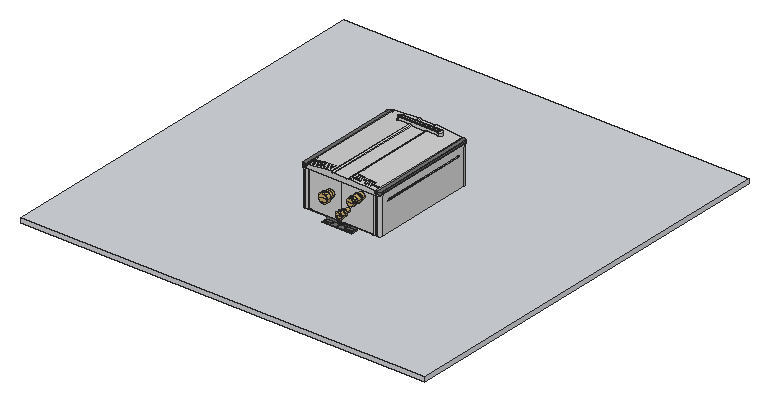
Revit family "Water_Heater-Rinnai-Ultra-Condensing-Tankless-RUS75e", category Mechanical Equipment, host Face, Revit 2012
Parameters (values of type "Standard")
  Width = 18 1/2"  # constant formula
  Wattage = 61 W
  Warranty URL = ""
  Warranty = "Residential:Limited 12-year on heat exchanger, 5-year on parts, 1-year on labor"  # constant formula
  Voltage = 120 V
  Unit = Metal - Rinnai - Aluminum Frame - Brass - Stain
  URL = "https://rinnai.us/"
  Temperature Settings = "120° - 140° F"  # constant formula
  Subcategory = "Tankless Water Heaters"  # constant formula
  Spec Sheet URL = "https://www.rinnai.us/documentation/downloads/RUS75e_%28KCM2528W-US%29_SP.pdf"
  Product Page URL = "https://rinnai.us/water-heater/product/rus75e-reu-kcm2528w-us"
  Noise Level Range = "55dB"  # constant formula
  Natural Gas = yes
  Model = "REU-KCM2528W-US"  # constant formula
  Max Amperage = 2.3 A
  Manufacturer Phone - Toll Free = "800-621-9419"  # constant formula
  Manufacturer Phone = "800-621-9419"  # constant formula
  Manufacturer Fax = "678-829-1666"  # constant formula
  Manufacturer Email = "mailto:engineering@rinnai.us"
  Manufacturer Address = "103 International Drive, Peachtree City, GA 30269"  # constant formula
  Manufacturer = "Rinnai America Corporation"  # constant formula
  Liquid Propane = yes
  Interference = Glass - Rinnai - Clear - Amber
  Installation URL = "https://www.rinnai.us/documentation/downloads/100000384.pdf"
  Installation Location = "Outdoor only"  # constant formula
  Ignition System = "Direct electronic ignition"  # constant formula
  Hot Water Connection = "Hot Water Connector"  # constant formula
  Height = 26"  # constant formula
  Panel = Metal - Rinnai - Aluminum Frame - Painted White
  Gas Supply Pressure Min = "4\" (NG); 8\" (Propane)"
  Gas Supply Pressure Max = "10.5\" (NG); 13.5\" (Propane)"
  Gas Manifold Pressure Low Fire = ".89\" (NG); .96\" (Propane)"
  Gas Manifold Pressure High Fire = "2.97\" (NG); 3.49\" (Propane)"
  Gas Input Rate = 160.0 Btu/h
  Gas Input Range = "10,300 - 160,000 BTU/h"  # constant formula
  Gas Connection = "Gas Connector"  # constant formula
  Frequency = 60 Hz
  Electrical Consumption Range = "Normal: 61 w, Standby: 1.3 w"  # constant formula
  Dry Weight = 57.30 lbf
  Description = "Tankless Water Heater"  # constant formula
  Depth = 10"  # constant formula
  Default Elevation = 4"
  Combustion Air = "Outdoor"  # constant formula
  Combustibles = yes
  Cold Water Connection = "Cold Water Connector"  # constant formula
  Clearance for Top = 12"  # constant formula
  Clearance for Sides = 6"  # constant formula
  Clearance for Ground or Bottom = 12"  # constant formula
  Clearance for Front = 24"  # constant formula
  Cap = Metal - Rinnai - Aluminum - Polished Sliver
  Assembly Code = ""
  Applicable Altitude Range = "0 - 5400 ft (0 - 1646 m)"  # constant formula
  95 CSI = ""
  04 CSI = ""
Reference planes (in)
  plane 1 "Center (Front/Back)": y = 0
  plane 2: z = 0
  plane 3 "Center (Left/Right)": x = 0
  plane 4: y = 13
  plane 5: y = -13
  plane 6: x = -9.25
  plane 7: x = 9.25
  plane 8: z = 10.5501
  plane 9: z = 0.5501
Forms (in)
  Extrusion 1, solid
    sketch origin (0, 0, 0) x (1, 0, 0) y (0, 1, 0)
      loop
        line (-48, 48) -> (-48, -48) -> (48, -48) -> (48, 48) -> (-48, 48)
    from 0 to -1
  Sweep 2, solid, material "Glass - Rinnai - Clear - Amber" <- "Interference", not visible
    path origin (0, 0, 0) x (1, 0, 0) y (0, 1, 0)
      loop
        line (0, 19) -> (0, -25)
    profile origin (0, -3, 0) x (1, 0, 0) y (0, 0, 1)
      loop
        line (11.25, 16.72205) -> (-11.25, 16.72205) -> (-11.25, 0) -> (11.25, 0) -> (11.25, 16.72205)
Dimensions and locks (in)
  equal spacing: plane 6, plane 3 "Center (Left/Right)", plane 7
  "Width": plane 6 to plane 7
  equal spacing: plane 4, plane 1 "Center (Front/Back)", plane 5
  "Height": plane 4 to plane 5
  locked: level to plane 9 at 0.5501
  "Depth": plane 9 to plane 8
  aligned and locked: plane 2 to Extrusion 1
  aligned and locked: level to Extrusion 1
  aligned and locked: Sweep 2 sketch curve to plane 3 "Center (Left/Right)"
  aligned and locked: Sweep 2 sketch curve to Extrusion 1
  aligned and locked: plane 3 "Center (Left/Right)" to nested 2
  aligned and locked: plane 7 to nested 1
  aligned and locked: nested 1 to plane 5
Automatic sketch dimensions
  Extrusion 1 sketch curve to Extrusion 1 sketch curve = 96"  (x2)
  plane 4 to Sweep 2 sketch curve = 6"
  plane 5 to Sweep 2 sketch curve = 12"
  profile plane to Sweep 2 sketch curve = 11 1/4"
  Sweep 2 sketch curve to profile plane = 11 1/4"
  Sweep 2 sketch curve to Sweep 2 sketch curve = 16.72205"
Nested families (in)
  nested 1: "Water Heater" at (0, 0.15, 0), type "RUS75e"
  nested 2: "Pipes" at (0, -14.03858, 0), type "Pipes"
Connectors (in)
  piping at (4.70163, -15.96888, 7.82256), driven by "Gas Connection"
    settings: on nested 2, index 1, connector radius 0.65", flow factor 0, pipe flow 0.00 GPM, pressure drop 0.00 psi, fitting loss kfactor 0, connector angle 0.00°, fixture units 0, engagement length 0", flow configuration 0, flow direction 1, fitting loss method 0, system type 8, joint type 0, gender type 0, connector reference index -1, connector utility 0, adjustable connector no, is connector primary yes, fitting loss table "", connector description "Gas Connector"
  piping at (-2.57004, -14.98448, 5.73209), driven by "Cold Water Connection"
    settings: on nested 2, index 2, connector radius 0.965", flow factor 0, pipe flow 0.00 GPM, pressure drop 0.00 psi, fitting loss kfactor 0, connector angle 0.00°, fixture units 0, engagement length 0", flow configuration 0, flow direction 2, fitting loss method 0, system type 20, joint type 0, gender type 0, connector reference index -1, connector utility 1, adjustable connector no, is connector primary no, fitting loss table "", connector description "Cold Water Connector"
  piping at (1.64829, -15.5587, 3.75493), driven by "Hot Water Connection"
    settings: on nested 2, index 3, connector radius 0.675", flow factor 0, pipe flow 0.00 GPM, pressure drop 0.00 psi, fitting loss kfactor 0, connector angle 0.00°, fixture units 0, engagement length 0", flow configuration 0, flow direction 2, fitting loss method 0, system type 19, joint type 0, gender type 0, connector reference index -1, connector utility 1, adjustable connector no, is connector primary no, fitting loss table "", connector description "Hot Water Connector"
Definition of nested family "Water Heater"
  Parameters (values of type "RUR98e")
    Unit = Metal - Rinnai - Aluminum Frame - Painted White
    URL = ""
    Panel = Metal - Rinnai - Aluminum Frame - Painted White
    Model = ""
    Manufacturer Email = ""
    Manufacturer = ""
    Interference = Glass - Rinnai - Clear - Amber
    Door = Metal - Rinnai - Aluminum - Polished Sliver
    Description = ""
    Default Elevation = 48"
    Assembly Code = ""
  Reference planes (in)
    plane 1 "Center (Front/Back)": y = 0
    plane 2: z = 0
    plane 3 "Center (Left/Right)": x = 0
    plane 4: y = 12.85
    plane 5: x = -9.25
    plane 6: x = 9.25
    plane 7: y = 14.85
    plane 8: y = -14.85
    plane 9: x = -9.375
    plane 10: x = 9.375
    plane 11: z = 34.72205
    plane 12: z = 10.72205
    plane 13: z = 0.62205
    plane 14: x = 5.09845
    plane 15: z = 7.0748
    plane 16: z = 2.99213
    plane 17: x = 2.10239
    plane 18: z = 5.00787
    plane 19: x = -2.12399
    plane 20: x = 5
    plane 21: z = 7.72205
    plane 22: z = 3.62205
    plane 23: x = 1.60239
    plane 24: z = 5.62205
    plane 25: x = -2.2
    plane 26: z = 2.49055
    plane 27: x = -0.39761
    plane 28: y = -13.15
  Forms (in)
    Extrusion 1, solid
      sketch origin (0, 0, 0) x (1, 0, 0) y (0, 1, 0)
        loop
          line (-48, 48) -> (-48, -48) -> (48, -48) -> (48, 48) -> (-48, 48)
      from 0 to -1
    Sweep 2, solid, material "Glass - Rinnai - Clear - Amber" <- "Interference", not visible
      path origin (0, 0, 0) x (1, 0, 0) y (0, 1, 0)
        loop
          line (0, 14.85) -> (0, -14.85)
      profile origin (0, 0, 0) x (1, 0, 0) y (0, 0, 1)
        loop
          line (9.375, 34.72205) -> (-9.375, 34.72205) -> (-9.375, 0) -> (9.375, 0) -> (9.375, 34.72205)
  Dimensions and locks (in)
    plane 1 "Center (Front/Back)" to plane 4 = 12.85"
    equal spacing: plane 5, plane 3 "Center (Left/Right)", plane 6
    plane 5 to plane 6 = 18 1/2"
    plane 7 to plane 4 = 2"
    plane 9 to plane 5 = 1/8"
    plane 6 to plane 10 = 1/8"
    locked: plane 13 to Extrusion 1 at 0.62205
    plane 12 to plane 13 = 10.1"
    plane 11 to plane 12 = 24"
    plane 4 to plane 28 = 26"
    aligned and locked: plane 2 to Extrusion 1
    aligned and locked: level to Extrusion 1
    aligned and locked: plane 1 "Center (Front/Back)" to nested 1
    aligned and locked: Sweep 2 sketch curve to plane 3 "Center (Left/Right)"
    aligned and locked: plane 7 to Sweep 2 sketch curve
    aligned and locked: plane 8 to Sweep 2 sketch curve
    aligned and locked: plane 10 to Sweep 2 sketch curve
    aligned and locked: Sweep 2 sketch curve to plane 11
    aligned and locked: Sweep 2 sketch curve to plane 9
    aligned and locked: Sweep 2 sketch curve to Extrusion 1
    aligned and locked: plane 1 "Center (Front/Back)" to nested 2
    aligned and locked: plane 3 "Center (Left/Right)" to nested 2
    aligned and locked: plane 3 "Center (Left/Right)" to nested 1
    aligned and locked: Extrusion 1 to nested 2
  Automatic sketch dimensions
    Extrusion 1 sketch curve to Extrusion 1 sketch curve = 96"  (x2)
  Nested families (in)
    nested 1: "RUR98e" at (0, 0, 0.59375), type "RUR98e"
    nested 2: "Masking_Nested" at (0, 0, 0.59055), type "Masking_Nested"
  Definition of nested family "RUR98e"
    Parameters (values of type "RU98e")
      Unit = Metal - Rinnai - Aluminum Frame - Painted White
      G = 3.44"  # constant formula
      F = 1.85"  # constant formula
      E = 2.89"  # constant formula
      Door = Metal - Rinnai - Aluminum - Polished Sliver
      Display = Metal - Rinnai - Aluminum Frame - Painted White
      Default Elevation = 48"
      Clamp = Metal - Rinnai - Aluminum Frame - Painted White
      C = 1.17"  # constant formula
      Width = 18 1/2"  # constant formula
      Height = 25.7"  # constant formula
      Depth = 10.1"  # constant formula
      D = 4.33"  # constant formula
      B = 4.21"  # constant formula
    Reference planes (in)
      plane 1 "Center (Front/Back)": y = 0
      plane 2: z = 0
      plane 3 "Center (Left/Right)": x = 0
      plane 4: y = 12.85
      plane 5: x = -9.25
      plane 6: x = 9.25
      plane 7: z = 10.1
      plane 8: z = 8.75945
      plane 9: z = -0.20842
      plane 10: z = 3.97008
      plane 11: x = 4.33
      plane 12: x = 1.17
      plane 13: z = 1.61008
      plane 14: x = -2.89
      plane 15: z = 3.20008
      plane 16: y = 15.52
      plane 17: z = 19.63941
      plane 18: z = 10.70949
      plane 19: x = 0
      plane 20: y = 9.95477
      plane 21: x = 5.09845
      plane 22: z = 7.0748
      plane 23: z = 2.99213
      plane 24: x = 2.10239
      plane 25: z = 5.00787
      plane 26: x = -2.12399
      plane 27: z = -0.59055
      plane 28: y = -13.15
    Forms (in)
      Extrusion 1, solid, material "Metal - Rinnai - Aluminum Frame - Painted White" <- "Unit", detail levels medium+fine
        sketch origin (0, 0, 0) x (1, 0, 0) y (0, 1, 0)
          loop
            arc (-8.5, 12.72578) -> (-9.03033, 12.50611) -> (-9.25, 11.97578) r 0.75
            line (-9.25, 11.97578) -> (-9.25, -12.07027)
            arc (-9.25, -12.07027) -> (-9.03033, -12.6006) -> (-8.5, -12.82027) r 0.75
            line (-8.5, -12.82027) -> (-7.75409, -12.82027)
            arc (-7.75409, -12.82027) -> (-7.72259, -12.78878) -> (-7.75409, -12.75728) r 0.0315
            line (-7.75409, -12.75728) -> (-8.33874, -12.75728)
            arc (-8.33874, -12.75728) -> (-8.86907, -12.53761) -> (-9.08874, -12.00728) r 0.75
            line (-9.08874, -12.00728) -> (-9.08874, 11.87342)
            arc (-9.08874, 11.87342) -> (-8.86907, 12.40375) -> (-8.33874, 12.62342) r 0.75
            line (-8.33874, 12.62342) -> (8.33874, 12.62342)
            arc (8.33874, 12.62342) -> (8.86907, 12.40375) -> (9.08874, 11.87342) r 0.75
            line (9.08874, 11.87342) -> (9.08874, -12.00728)
            arc (9.08874, -12.00728) -> (8.86907, -12.53761) -> (8.33874, -12.75728) r 0.75
            line (8.33874, -12.75728) -> (7.75409, -12.75728)
            arc (7.75409, -12.75728) -> (7.72259, -12.78878) -> (7.75409, -12.82027) r 0.0315
            line (7.75409, -12.82027) -> (8.5, -12.82027)
            arc (8.5, -12.82027) -> (9.03033, -12.6006) -> (9.25, -12.07027) r 0.75
            line (9.25, -12.07027) -> (9.25, 11.97578)
            arc (9.25, 11.97578) -> (9.03033, 12.50611) -> (8.5, 12.72578) r 0.75
            line (8.5, 12.72578) -> (-8.5, 12.72578)
        from -0.04045 to 8.75945
      Extrusion 2, solid, material "Metal - Rinnai - Aluminum Frame - Painted White" <- "Unit", detail levels fine
        sketch origin (0, 0, 0) x (1, 0, 0) y (0, 1, 0)
          loop
            arc (-7.94561, -12.71791) -> (-7.96958, -12.73044) -> (-7.97296, -12.75728) r 0.02918
            line (-7.97296, -12.75728) -> (0.00974, -12.75728) -> (7.97296, -12.75728)
            arc (7.97296, -12.75728) -> (7.96958, -12.73044) -> (7.94561, -12.71791) r 0.02918
            line (7.94561, -12.71791) -> (-0.00497, -12.71791) -> (-7.94561, -12.71791)
        from 0 to 8.75945
      Sweep 3, solid, material "Metal - Rinnai - Aluminum Frame - Painted White" <- "Unit", detail levels medium+fine
        path origin (-19.30772, -180, -0.04045) x (-1, 0, 0) y (0, -1, 0)
          loop
            line (-27.06181, -167.17973) -> (-27.80772, -167.17973)
            arc (-27.80772, -167.17973) -> (-28.33805, -167.3994) -> (-28.55772, -167.92973) r 0.75
            line (-28.55772, -167.92973) -> (-28.55772, -191.97578)
            arc (-28.55772, -191.97578) -> (-28.33805, -192.50611) -> (-27.80772, -192.72578) r 0.75
            line (-27.80772, -192.72578) -> (-10.80772, -192.72578)
            arc (-10.80772, -192.72578) -> (-10.27739, -192.50611) -> (-10.05772, -191.97578) r 0.75
            line (-10.05772, -191.97578) -> (-10.05772, -167.92973)
            arc (-10.05772, -167.92973) -> (-10.27739, -167.3994) -> (-10.80772, -167.17973) r 0.75
            line (-10.80772, -167.17973) -> (-11.55363, -167.17973)
        profile origin (8.12705, -12.82027, -0.04045) x (0, 1, 0) y (0, 0, 1)
          loop
            arc (0, 0.0315) -> (0.00922, 0.00922) -> (0.0315, 0) r 0.0315
            line (0.0315, 0) -> (0.0315, 0.0315) -> (0, 0.0315)
      Extrusion 4, solid, material "Metal - Rinnai - Aluminum Frame - Painted White" <- "Clamp", detail levels medium+fine
        sketch origin (0, 0, 0) x (0, 1, 0) y (0, 0, 1)
          loop
            arc (-14.30637, -0.52756) -> (-14.33787, -0.55906) -> (-14.30637, -0.59055) r 0.0315
            line (-14.30637, -0.59055) -> (-12.85049, -0.59055)
            arc (-12.85049, -0.59055) -> (-12.82912, -0.5817) -> (-12.82027, -0.56033) r 0.03022
            line (-12.82027, -0.56033) -> (-12.82027, -0.11024) -> (-12.52618, -0.11024)
            arc (-12.52618, -0.11024) -> (-12.47377, -0.09026) -> (-12.44796, -0.04045) r 0.07874
            line (-12.44796, -0.04045) -> (-12.88326, -0.04045) -> (-12.88326, -0.52756) -> (-14.30637, -0.52756)
          loop
            line (14.30637, -0.52756) -> (12.88326, -0.52756) -> (12.88326, -0.04045) -> (12.44796, -0.04045)
            arc (12.44796, -0.04045) -> (12.47377, -0.09026) -> (12.52618, -0.11024) r 0.07874
            line (12.52618, -0.11024) -> (12.82027, -0.11024) -> (12.82027, -0.56033)
            arc (12.82027, -0.56033) -> (12.82912, -0.5817) -> (12.85049, -0.59055) r 0.03022
            line (12.85049, -0.59055) -> (14.30637, -0.59055)
            arc (14.30637, -0.59055) -> (14.33787, -0.55906) -> (14.30637, -0.52756) r 0.0315
        from -3.54331 to 3.54331
      Extrusion 5, void
        sketch origin (0, 0, 0) x (0, 1, 0) y (1, 0, 0)
          loop
            line (13.67854, 0.11811) -> (13.48655, 0.11811)
            arc (13.48655, 0.11811) -> (13.39706, 0.19062) -> (13.28484, 0.21654) r 0.25591
            line (13.28484, 0.21654) -> (13.00925, 0.21654)
            arc (13.00925, 0.21654) -> (12.79271, 0) -> (13.00925, -0.21654) r 0.21654
            line (13.00925, -0.21654) -> (13.28484, -0.21654)
            arc (13.28484, -0.21654) -> (13.39706, -0.19062) -> (13.48655, -0.11811) r 0.25591
            line (13.48655, -0.11811) -> (13.67854, -0.11811)
            arc (13.67854, -0.11811) -> (13.79665, 0) -> (13.67854, 0.11811) r 0.11811
          loop
            circle (13.48163, 1.57456) r 0.25559
          loop
            line (13.90492, 2.35236) -> (13.90492, 2.76575)
            arc (13.90492, 2.76575) -> (13.79665, 2.87402) -> (13.68838, 2.76575) r 0.10827
            line (13.68838, 2.76575) -> (13.68838, 2.35236)
            arc (13.68838, 2.35236) -> (13.79665, 2.24409) -> (13.90492, 2.35236) r 0.10827
          loop
            line (13.69823, 3.26772) -> (13.61949, 3.26772)
            arc (13.61949, 3.26772) -> (13.50137, 3.14961) -> (13.61949, 3.0315) r 0.11811
            line (13.61949, 3.0315) -> (13.69823, 3.0315)
            arc (13.69823, 3.0315) -> (13.81634, 3.14961) -> (13.69823, 3.26772) r 0.11811
          loop
            circle (13.48163, -1.57456) r 0.25559
          loop
            arc (13.90492, -2.0374) -> (13.79665, -1.92913) -> (13.68838, -2.0374) r 0.10827
            line (13.68838, -2.0374) -> (13.68838, -2.76575)
            arc (13.68838, -2.76575) -> (13.79665, -2.87402) -> (13.90492, -2.76575) r 0.10827
            line (13.90492, -2.76575) -> (13.90492, -2.0374)
          loop
            arc (13.69823, -3.26772) -> (13.81634, -3.14961) -> (13.69823, -3.0315) r 0.11811
            line (13.69823, -3.0315) -> (13.61949, -3.0315)
            arc (13.61949, -3.0315) -> (13.50137, -3.14961) -> (13.61949, -3.26772) r 0.11811
            line (13.61949, -3.26772) -> (13.69823, -3.26772)
          loop
            line (-13.73366, -0.11811) -> (-13.54167, -0.11811)
            arc (-13.54167, -0.11811) -> (-13.45218, -0.19062) -> (-13.33996, -0.21654) r 0.25591
            line (-13.33996, -0.21654) -> (-13.06437, -0.21654)
            arc (-13.06437, -0.21654) -> (-12.84783, 0) -> (-13.06437, 0.21654) r 0.21654
            line (-13.06437, 0.21654) -> (-13.33996, 0.21654)
            arc (-13.33996, 0.21654) -> (-13.45218, 0.19062) -> (-13.54167, 0.11811) r 0.25591
            line (-13.54167, 0.11811) -> (-13.73366, 0.11811)
            arc (-13.73366, 0.11811) -> (-13.85177, 0) -> (-13.73366, -0.11811) r 0.11811
          loop
            circle (-13.53674, -1.57456) r 0.25559
          loop
            line (-13.96004, -2.35236) -> (-13.96004, -2.76575)
            arc (-13.96004, -2.76575) -> (-13.85177, -2.87402) -> (-13.7435, -2.76575) r 0.10827
            line (-13.7435, -2.76575) -> (-13.7435, -2.35236)
            arc (-13.7435, -2.35236) -> (-13.85177, -2.24409) -> (-13.96004, -2.35236) r 0.10827
          loop
            line (-13.75334, -3.26772) -> (-13.6746, -3.26772)
            arc (-13.6746, -3.26772) -> (-13.55649, -3.14961) -> (-13.6746, -3.0315) r 0.11811
            line (-13.6746, -3.0315) -> (-13.75334, -3.0315)
            arc (-13.75334, -3.0315) -> (-13.87145, -3.14961) -> (-13.75334, -3.26772) r 0.11811
          loop
            circle (-13.53674, 1.57456) r 0.25559
          loop
            arc (-13.96004, 2.0374) -> (-13.85177, 1.92913) -> (-13.7435, 2.0374) r 0.10827
            line (-13.7435, 2.0374) -> (-13.7435, 2.76575)
            arc (-13.7435, 2.76575) -> (-13.85177, 2.87402) -> (-13.96004, 2.76575) r 0.10827
            line (-13.96004, 2.76575) -> (-13.96004, 2.0374)
          loop
            arc (-13.75334, 3.26772) -> (-13.87145, 3.14961) -> (-13.75334, 3.0315) r 0.11811
            line (-13.75334, 3.0315) -> (-13.6746, 3.0315)
            arc (-13.6746, 3.0315) -> (-13.55649, 3.14961) -> (-13.6746, 3.26772) r 0.11811
            line (-13.6746, 3.26772) -> (-13.75334, 3.26772)
        from 0.52756 to 0.59055
      Extrusion 6, void
        sketch origin (0, 0, 0.23337) x (1, 0, 0) y (0, 0, 1)
          loop
            line (9.53125, 10.1184) -> (-9.53125, 10.1184) -> (-9.53125, 8.75147) -> (-8.45921, 8.75147) -> (-8.09256, 8.96315) -> (-8.09256, 9.11474)
            arc (-8.09256, 9.11474) -> (-8.15825, 9.1617) -> (-8.22104, 9.21246) r 1.36561
            arc (-8.22104, 9.21246) -> (-8.24458, 9.29284) -> (-8.18067, 9.34696) r 0.07682
            arc (-8.18067, 9.34696) -> (-4.09779, 9.77258) -> (0, 10.0158) r 92.07872
            arc (0, 10.0158) -> (4.12628, 9.77025) -> (8.23738, 9.33975) r 92.07872
            arc (8.23738, 9.33975) -> (8.279, 9.30476) -> (8.26549, 9.25234) r 0.05052
            arc (8.26549, 9.25234) -> (8.18181, 9.18004) -> (8.09256, 9.11474) r 1.36561
            line (8.09256, 9.11474) -> (8.09256, 8.96315) -> (8.45921, 8.75147) -> (9.53125, 8.75147) -> (9.53125, 10.1184)
        from -15.04938 to 15.10382
      Extrusion 7, solid, material "Metal - Rinnai - Aluminum Frame - Painted White" <- "Display", detail levels medium+fine
        sketch origin (0, 0, 0) x (1, 0, 0) y (0, 1, 0)
          loop
            line (8.58208, 12.85) -> (-8.63521, 12.85)
            arc (-8.63521, 12.85) -> (-9.06993, 12.66993) -> (-9.25, 12.23521) r 0.61479
            line (-9.25, 12.23521) -> (-9.25, -12.55655)
            arc (-9.25, -12.55655) -> (-9.07618, -12.97618) -> (-8.65655, -13.15) r 0.59345
            line (-8.65655, -13.15) -> (8.56688, -13.15)
            arc (8.56688, -13.15) -> (9.04992, -12.94992) -> (9.25, -12.46688) r 0.68312
            line (9.25, -12.46688) -> (9.25, 12.18208)
            arc (9.25, 12.18208) -> (9.05437, 12.65437) -> (8.58208, 12.85) r 0.66792
        from 8.75945 to 10.35178
      Extrusion 8, solid, material "Metal - Rinnai - Aluminum - Polished Sliver" <- "Door", detail levels medium+fine
        sketch origin (0, 0, 0) x (1, 0, 0) y (0, 1, 0)
          loop
            arc (-8.52756, 12.84217) -> (-9.05789, 12.6225) -> (-9.27756, 12.09217) r 0.75
            line (-9.27756, 12.09217) -> (-9.27756, -12.4)
            arc (-9.27756, -12.4) -> (-9.05789, -12.93033) -> (-8.52756, -13.15) r 0.75
            line (-8.52756, -13.15) -> (-8.09256, -13.15) -> (-8.09256, 12.84217) -> (-8.52756, 12.84217)
          loop
            line (8.52756, 12.84217) -> (8.09256, 12.84217) -> (8.09256, -13.15) -> (8.52756, -13.15)
            arc (8.52756, -13.15) -> (9.05789, -12.93033) -> (9.27756, -12.4) r 0.75
            line (9.27756, -12.4) -> (9.27756, 12.09217)
            arc (9.27756, 12.09217) -> (9.05789, 12.6225) -> (8.52756, 12.84217) r 0.75
        from 8.98484 to 9.68676
      Extrusion 9, solid, material "Metal - Rinnai - Aluminum Frame - Painted White" <- "Unit", detail levels coarse
        sketch origin (0, 0, 0) x (1, 0, 0) y (0, 1, 0)
          loop
            line (9.25, -13.15) -> (9.25, 12.85) -> (-9.27756, 12.85) -> (-9.27756, -13.15) -> (9.25, -13.15)
        from -0.59055 to 10.1
      Extrusion 10, solid, material "Metal - Rinnai - Aluminum Frame - Painted White" <- "Unit", detail levels medium
        sketch origin (0, 0, 0) x (1, 0, 0) y (0, 1, 0)
          loop
            arc (-7.94561, -12.71791) -> (-7.96958, -12.73044) -> (-7.97296, -12.75728) r 0.02918
            line (-7.97296, -12.75728) -> (0.00974, -12.75728) -> (7.97296, -12.75728)
            arc (7.97296, -12.75728) -> (7.96958, -12.73044) -> (7.94561, -12.71791) r 0.02918
            line (7.94561, -12.71791) -> (-0.00497, -12.71791) -> (-7.94561, -12.71791)
        from 0 to 8.75945
      Extrusion 11, void
        sketch origin (0, 0, -0.5) x (1, 0, 0) y (0, 0, 1)
          loop
            arc (-2.72285, 8.66093) -> (-2.65853, 7.48173) -> (-2.60646, 6.30193) r 113.80035
            arc (-2.60646, 6.30193) -> (-2.30126, 4.88899) -> (-3.007, 3.62747) r 2.04411
            arc (-3.007, 3.62747) -> (-0.09766, 0.15621) -> (3.02871, 3.43337) r 3.03824
            arc (3.02871, 3.43337) -> (2.73456, 3.91825) -> (2.60646, 4.47073) r 1.79421
            arc (2.60646, 4.47073) -> (2.64496, 6.56638) -> (2.72285, 8.66093) r 111.52327
            line (2.72285, 8.66093) -> (-2.72285, 8.66093)
        from -13.68838 to 13.39188
      Extrusion 12, void
        sketch origin (0, 0, 0.15514) x (1, 0, 0) y (0, 0, 1)
          loop
            arc (1.60849, 9.74656) -> (1.69001, 9.75729) -> (1.76597, 9.78875) r 0.31496
            line (1.76597, 9.78875) -> (2.03915, 9.94647)
            arc (2.03915, 9.94647) -> (2.1341, 9.9858) -> (2.236, 9.99922) r 0.3937
            line (2.236, 9.99922) -> (2.236, 10.20703) -> (-2.23606, 10.20703) -> (-2.23606, 9.99922)
            arc (-2.23606, 9.99922) -> (-2.13416, 9.9858) -> (-2.0392, 9.94647) r 0.3937
            line (-2.0392, 9.94647) -> (-1.76603, 9.78875)
            arc (-1.76603, 9.78875) -> (-1.69007, 9.75729) -> (-1.60855, 9.74656) r 0.31496
            line (-1.60855, 9.74656) -> (1.60849, 9.74656)
        from -14.53617 to 14.5778
      Sweep 13, solid, material "Metal - Rinnai - Aluminum Frame - Painted White" <- "Display", detail levels medium+fine
        path origin (0, -0.07031, 0) x (1, 0, 0) y (0, 1, 0)
          loop
            line (4.74071, 11.10265) -> (-4.74071, 11.10265)
            arc (-4.74071, 11.10265) -> (-5.28643, 10.55692) -> (-4.74071, 10.0112) r 0.54572
            line (-4.74071, 10.0112) -> (4.74071, 10.0112)
            arc (4.74071, 10.0112) -> (5.28643, 10.55692) -> (4.74071, 11.10265) r 0.54572
        profile origin (0, 11.03233, 0) x (0, -1, 0) y (0, 0, 1)
          loop
            line (0.03559, 10.62469) -> (0.0007, 9.62547) -> (0.13078, 9.62547) -> (0.16863, 10.70949) -> (0.12341, 10.70949)
            arc (0.12341, 10.70949) -> (0.06237, 10.68483) -> (0.03559, 10.62469) r 0.08787
      Extrusion 14, solid, material "Metal - Rinnai - Aluminum Frame - Painted White" <- "Unit", detail levels medium+fine
        sketch origin (0, 0, 0) x (1, 0, 0) y (0, 1, 0)
          loop
            arc (-9.08874, -12.00728) -> (-8.86907, -12.53761) -> (-8.33874, -12.75728) r 0.75
            line (-8.33874, -12.75728) -> (-7.75409, -12.75728) -> (8.33874, -12.75728)
            arc (8.33874, -12.75728) -> (8.86907, -12.53761) -> (9.08874, -12.00728) r 0.75
            line (9.08874, -12.00728) -> (9.08874, 11.87342)
            arc (9.08874, 11.87342) -> (8.86907, 12.40375) -> (8.33874, 12.62342) r 0.75
            line (8.33874, 12.62342) -> (-8.33874, 12.62342)
            arc (-8.33874, 12.62342) -> (-8.86907, 12.40375) -> (-9.08874, 11.87342) r 0.75
            line (-9.08874, 11.87342) -> (-9.08874, -12.00728)
        from -0.01923 to 0
      Revolve 15, void
        sketch origin (9.3125, 0, 0) x (0, 1, 0) y (0, 0, 1)
          loop
            arc (10.67775, 6.82414) -> (10.62581, 6.97256) -> (10.48169, 7.03543) r 0.19661
            line (10.48169, 7.03543) -> (-10.77815, 7.03543)
            arc (-10.77815, 7.03543) -> (-10.92236, 6.97257) -> (-10.97447, 6.82414) r 0.19685
            line (-10.97447, 6.82414) -> (10.67775, 6.82414)
          axis (-10.97447, 6.82414) -> (10.67775, 6.82414)
        angle from 180 to -180
      Revolve 16, void
        sketch origin (-9.3125, 0, 0) x (0, 1, 0) y (0, 0, -1)
          loop
            line (10.67775, -6.82414) -> (-10.97447, -6.82414)
            arc (-10.97447, -6.82414) -> (-10.92236, -6.97257) -> (-10.77815, -7.03543) r 0.19685
            line (-10.77815, -7.03543) -> (10.48169, -7.03543)
            arc (10.48169, -7.03543) -> (10.62581, -6.97256) -> (10.67775, -6.82414) r 0.19661
          axis (-10.97447, -6.82414) -> (10.67775, -6.82414)
        angle from 180 to -180
      Extrusion 17, void
        sketch origin (0, 0, 0) x (1, 0, 0) y (0, 0, 1)
          loop
            arc (-8.09256, 9.34812) -> (-8.22033, 9.44523) -> (-8.33583, 9.55665) r 1.36561
            arc (-8.33583, 9.55665) -> (-8.76634, 9.49374) -> (-9.19638, 9.42766) r 59.05511
            arc (-9.19638, 9.42766) -> (-9.24465, 9.40066) -> (-9.26381, 9.34878) r 0.07985
            line (-9.26381, 9.34878) -> (-9.26381, 8.98484) -> (-8.45921, 8.98484) -> (-8.09256, 9.19653) -> (-8.09256, 9.34812)
          loop
            line (-7.89256, 10.28429) -> (-9.46381, 10.28429) -> (-9.46381, 8.78484) -> (-7.89256, 8.78484) -> (-7.89256, 10.28429)
          loop
            line (8.09256, 9.34812) -> (8.09256, 9.19653) -> (8.45921, 8.98484) -> (9.26381, 8.98484) -> (9.26381, 9.34878)
            arc (9.26381, 9.34878) -> (9.24465, 9.40066) -> (9.19638, 9.42766) r 0.07985
            arc (9.19638, 9.42766) -> (8.76634, 9.49374) -> (8.33583, 9.55665) r 59.05511
            arc (8.33583, 9.55665) -> (8.22033, 9.44523) -> (8.09256, 9.34812) r 1.36561
          loop
            line (7.89256, 10.28429) -> (7.89256, 8.78484) -> (9.46381, 8.78484) -> (9.46381, 10.28429) -> (7.89256, 10.28429)
        from -13.68838 to 17.90298
      Extrusion 18, void
        sketch origin (0, 0, 0) x (1, 0, 0) y (0, 1, 0)
          loop
            line (-7.7581, -11.22239) -> (-5.65431, -11.22239)
            arc (-5.65431, -11.22239) -> (-5.50316, -11.07125) -> (-5.65431, -10.9201) r 0.15114
            line (-5.65431, -10.9201) -> (-7.7581, -10.9201)
            arc (-7.7581, -10.9201) -> (-7.90925, -11.07125) -> (-7.7581, -11.22239) r 0.15114
          loop
            line (-7.7581, -11.93333) -> (-5.65431, -11.93333)
            arc (-5.65431, -11.93333) -> (-5.50316, -11.78218) -> (-5.65431, -11.63104) r 0.15114
            line (-5.65431, -11.63104) -> (-7.7581, -11.63104)
            arc (-7.7581, -11.63104) -> (-7.90925, -11.78218) -> (-7.7581, -11.93333) r 0.15114
          loop
            line (-7.7581, -12.64427) -> (-5.65431, -12.64427)
            arc (-5.65431, -12.64427) -> (-5.50316, -12.49312) -> (-5.65431, -12.34198) r 0.15114
            line (-5.65431, -12.34198) -> (-7.7581, -12.34198)
            arc (-7.7581, -12.34198) -> (-7.90925, -12.49312) -> (-7.7581, -12.64427) r 0.15114
          loop
            line (-5.00419, -11.22239) -> (-2.9004, -11.22239)
            arc (-2.9004, -11.22239) -> (-2.74926, -11.07125) -> (-2.9004, -10.9201) r 0.15114
            line (-2.9004, -10.9201) -> (-5.00419, -10.9201)
            arc (-5.00419, -10.9201) -> (-5.15534, -11.07125) -> (-5.00419, -11.22239) r 0.15114
          loop
            line (-5.00419, -11.93333) -> (-2.9004, -11.93333)
            arc (-2.9004, -11.93333) -> (-2.74926, -11.78218) -> (-2.9004, -11.63104) r 0.15114
            line (-2.9004, -11.63104) -> (-5.00419, -11.63104)
            arc (-5.00419, -11.63104) -> (-5.15534, -11.78218) -> (-5.00419, -11.93333) r 0.15114
          loop
            line (-5.00419, -12.64427) -> (-2.9004, -12.64427)
            arc (-2.9004, -12.64427) -> (-2.74926, -12.49312) -> (-2.9004, -12.34198) r 0.15114
            line (-2.9004, -12.34198) -> (-5.00419, -12.34198)
            arc (-5.00419, -12.34198) -> (-5.15534, -12.49312) -> (-5.00419, -12.64427) r 0.15114
          loop
            arc (7.7581, -11.22239) -> (7.90925, -11.07125) -> (7.7581, -10.9201) r 0.15114
            line (7.7581, -10.9201) -> (5.65431, -10.9201)
            arc (5.65431, -10.9201) -> (5.50316, -11.07125) -> (5.65431, -11.22239) r 0.15114
            line (5.65431, -11.22239) -> (7.7581, -11.22239)
          loop
            arc (7.7581, -11.93333) -> (7.90925, -11.78218) -> (7.7581, -11.63104) r 0.15114
            line (7.7581, -11.63104) -> (5.65431, -11.63104)
            arc (5.65431, -11.63104) -> (5.50316, -11.78218) -> (5.65431, -11.93333) r 0.15114
            line (5.65431, -11.93333) -> (7.7581, -11.93333)
          loop
            arc (7.7581, -12.64427) -> (7.90925, -12.49312) -> (7.7581, -12.34198) r 0.15114
            line (7.7581, -12.34198) -> (5.65431, -12.34198)
            arc (5.65431, -12.34198) -> (5.50316, -12.49312) -> (5.65431, -12.64427) r 0.15114
            line (5.65431, -12.64427) -> (7.7581, -12.64427)
          loop
            arc (5.00419, -11.22239) -> (5.15534, -11.07125) -> (5.00419, -10.9201) r 0.15114
            line (5.00419, -10.9201) -> (2.9004, -10.9201)
            arc (2.9004, -10.9201) -> (2.74926, -11.07125) -> (2.9004, -11.22239) r 0.15114
            line (2.9004, -11.22239) -> (5.00419, -11.22239)
          loop
            arc (5.00419, -11.93333) -> (5.15534, -11.78218) -> (5.00419, -11.63104) r 0.15114
            line (5.00419, -11.63104) -> (2.9004, -11.63104)
            arc (2.9004, -11.63104) -> (2.74926, -11.78218) -> (2.9004, -11.93333) r 0.15114
            line (2.9004, -11.93333) -> (5.00419, -11.93333)
          loop
            arc (5.00419, -12.64427) -> (5.15534, -12.49312) -> (5.00419, -12.34198) r 0.15114
            line (5.00419, -12.34198) -> (2.9004, -12.34198)
            arc (2.9004, -12.34198) -> (2.74926, -12.49312) -> (2.9004, -12.64427) r 0.15114
            line (2.9004, -12.64427) -> (5.00419, -12.64427)
          loop
            arc (-4.74071, 10.8637) -> (-5.1178, 10.48661) -> (-4.74071, 10.10952) r 0.37709
            line (-4.74071, 10.10952) -> (4.74071, 10.10952)
            arc (4.74071, 10.10952) -> (5.1178, 10.48661) -> (4.74071, 10.8637) r 0.37709
            line (4.74071, 10.8637) -> (-4.74071, 10.8637)
        from 8.75945 to 10.3296
    Cuts and joins
      Extrusion 5, Extrusion 11 cuts Extrusion 4
      Extrusion 6, Extrusion 12, Extrusion 18 cuts Extrusion 7
      Extrusion 17, Extrusion 18 cuts Sweep 13
      joined: Extrusion 7, Sweep 13
      Extrusion 17 cuts Extrusion 8
      Revolve 15, Revolve 16, Extrusion 18 cuts Extrusion 1
      Revolve 15, Revolve 16, Extrusion 18 cuts Sweep 3
      Revolve 15, Revolve 16, Extrusion 18 cuts Extrusion 14
      joined: Extrusion 1, Sweep 3, Extrusion 14
    Lines and regions (in)
      model lines, style "Water Heater", detail levels fine
        curve 1: line (-1.46319, -11.08719, 9.90169) -> (1.43194, -11.08719, 9.90169)
        curve 2: line (-1.54319, -12.86249, 9.90169) -> (-1.54319, -11.16719, 9.90169)
        curve 3: line (1.43194, -12.94249, 9.90169) -> (-1.46319, -12.94249, 9.90169)
        curve 4: line (1.51194, -11.16719, 9.90169) -> (1.51194, -12.86249, 9.90169)
        curve 5: arc (-1.54319, -11.16719, 9.90169) -> (-1.51976, -11.11062, 9.90169) -> (-1.46319, -11.08719, 9.90169) r 0.08
        curve 6: arc (1.43194, -11.08719, 9.90169) -> (1.48851, -11.11062, 9.90169) -> (1.51194, -11.16719, 9.90169) r 0.08
        curve 7: arc (1.43194, -12.94249, 9.90169) -> (1.48851, -12.91906, 9.90169) -> (1.51194, -12.86249, 9.90169) r 0.08
        curve 8: arc (-1.46319, -12.94249, 9.90169) -> (-1.51976, -12.91906, 9.90169) -> (-1.54319, -12.86249, 9.90169) r 0.08
    Dimensions and locks (in)
      plane 1 "Center (Front/Back)" to plane 4 = 12.85"
      equal spacing: plane 5, plane 3 "Center (Left/Right)", plane 6
      "Width": plane 5 to plane 6
      locked: plane 7 to plane 8 at 1.34055
      "D": plane 11 to plane 3 "Center (Left/Right)"
      "C": plane 3 "Center (Left/Right)" to plane 12
      "E": plane 3 "Center (Left/Right)" to plane 14
      locked: plane 16 to plane 4 at 2.67
      Extrusion 6 sketch curve to plane 7 = 0.25178"
      equal spacing: Extrusion 6 sketch curve, plane 7, Extrusion 6 sketch curve
      plane 5 to Extrusion 7 sketch curve = 0"
      Extrusion 7 sketch curve to plane 6 = 0"
      "Depth": plane 7 to plane 2
      plane 4 to plane 28 = 26"
      aligned and locked: plane 2 to level
      aligned and locked: plane 4 to Extrusion 9 sketch curve
      aligned and locked: Extrusion 9 sketch curve to plane 6
      aligned and locked: Extrusion 9 to plane 7
    Automatic sketch dimensions
      Extrusion 1 sketch curve to plane 5 = 0"
      Extrusion 1 sketch curve to plane 6 = 0"
      plane 5 to Extrusion 1 sketch curve = 0.16126"
      plane 5 to Extrusion 1 sketch curve = 3/4"  (x2)
      Extrusion 1 sketch curve to plane 4 = 0.12422"
      Extrusion 1 sketch curve to Extrusion 1 sketch curve = 0.16126"  (x4)
      Extrusion 1 sketch curve to Extrusion 1 sketch curve = 0.58465"  (x2)
      plane 6 to Extrusion 1 sketch curve = 1.49591"
      Extrusion 1 sketch curve to plane 4 = 29/128"
      plane 6 to Extrusion 1 sketch curve = 0.91126"
      plane 6 to Extrusion 1 sketch curve = 0.16126"
      plane 5 to Extrusion 2 sketch curve = 1.27704"
      Extrusion 2 sketch curve to Extrusion 2 sketch curve = 7/256"  (x2)
      Extrusion 2 sketch curve to plane 3 "Center (Left/Right)" = 0.00497"
      plane 3 "Center (Left/Right)" to Extrusion 2 sketch curve = 0.00974"
      plane 6 to Extrusion 2 sketch curve = 1.30439"
      Sweep 3 sketch curve to plane 6 = 0"
      Sweep 3 sketch curve to plane 5 = 0"
      Sweep 3 sketch curve to plane 4 = 0.12422"
      plane 6 to Sweep 3 sketch curve = 3/4"  (x2)
      Sweep 3 sketch curve to Sweep 3 sketch curve = 0.74591"  (x2)
      plane 5 to Sweep 3 sketch curve = 1.49591"
      plane 5 to Sweep 3 sketch curve = 3/4"
      Sweep 3 sketch curve to profile plane = 0"  (x2)
      Sweep 3 sketch curve to Sweep 3 sketch curve = 0.0315"
      Extrusion 5 sketch curve to plane 3 "Center (Left/Right)" = 0"  (x4)
      Extrusion 5 sketch curve to Extrusion 5 sketch curve = 0.10827"  (x4)
      Extrusion 5 sketch curve to Extrusion 5 sketch curve = 0.00984"  (x2)
      Extrusion 5 sketch curve to plane 3 "Center (Left/Right)" = 0.11811"  (x2)
      Extrusion 5 sketch curve to Extrusion 5 sketch curve = 0.07874"  (x4)
      Extrusion 5 sketch curve to Extrusion 5 sketch curve = 0.19199"  (x3)
      Extrusion 5 sketch curve to Extrusion 5 sketch curve = 0.20676"  (x2)
      Extrusion 5 sketch curve to Extrusion 5 sketch curve = 0.20171"  (x3)
      Extrusion 5 sketch curve to Extrusion 5 sketch curve = 0"  (x2)
      plane 4 to Extrusion 5 sketch curve = 0.15925"
      Extrusion 5 sketch curve to Extrusion 5 sketch curve = 0.27559"  (x2)
      plane 4 to Extrusion 5 sketch curve = 0.63163"  (x2)
      plane 14 to Extrusion 5 sketch curve = 0.25961"
      plane 4 to Extrusion 5 sketch curve = 0.76949"  (x2)
      Extrusion 5 sketch curve to Extrusion 5 sketch curve = 0.0689"
      plane 3 "Center (Left/Right)" to Extrusion 5 sketch curve = 0.21654"  (x2)
      Extrusion 5 sketch curve to plane 12 = 0.40456"  (x2)
      Extrusion 5 sketch curve to Extrusion 5 sketch curve = 0.46285"  (x2)
      Extrusion 5 sketch curve to Extrusion 5 sketch curve = 0.77781"
      Extrusion 5 sketch curve to Extrusion 5 sketch curve = 0.41339"
      Extrusion 5 sketch curve to Extrusion 5 sketch curve = 0.72835"
      Extrusion 5 sketch curve to Extrusion 5 sketch curve = 0.26575"  (x2)
      Extrusion 5 sketch curve to Extrusion 5 sketch curve = 0.11811"  (x4)
      Extrusion 5 sketch curve to plane 14 = 1.31544"  (x2)
      Extrusion 5 sketch curve to plane 14 = 0.53764"
      Extrusion 5 sketch curve to plane 14 = 0.12425"  (x2)
      plane 14 to Extrusion 5 sketch curve = 0.1415"
      plane 5 to Extrusion 10 sketch curve = 1.27704"
      Extrusion 10 sketch curve to Extrusion 10 sketch curve = 7/256"  (x2)
      Extrusion 10 sketch curve to plane 3 "Center (Left/Right)" = 0.00497"
      plane 3 "Center (Left/Right)" to Extrusion 10 sketch curve = 0.00974"
      plane 6 to Extrusion 10 sketch curve = 1.30439"
      Extrusion 11 sketch curve to plane 3 "Center (Left/Right)" = 0"
      Extrusion 11 sketch curve to plane 14 = 0.28354"
      Extrusion 11 sketch curve to plane 14 = 0.16715"
      Extrusion 11 sketch curve to plane 15 = 0.07261"
      plane 14 to Extrusion 11 sketch curve = 0.117"
      plane 10 to Extrusion 11 sketch curve = 0.72167"
      plane 14 to Extrusion 11 sketch curve = 1.43282"
      Extrusion 11 sketch curve to plane 13 = 0.23659"
      Extrusion 11 sketch curve to plane 5 = 107.07061"
      plane 10 to Extrusion 11 sketch curve = 0.00064"
      plane 3 "Center (Left/Right)" to Extrusion 11 sketch curve = 2.60646"
      plane 3 "Center (Left/Right)" to Extrusion 11 sketch curve = 2.72285"
      Extrusion 11 sketch curve to plane 15 = 0.26672"
      Extrusion 11 sketch curve to Extrusion 11 sketch curve = 0.42225"
      Extrusion 11 sketch curve to plane 11 = 0.06637"
      Extrusion 11 sketch curve to plane 15 = 0.23043"
      plane 20 to Sweep 13 sketch curve = 1.07756"
      plane 14 to Sweep 13 sketch curve = 1.85071"
      Sweep 13 sketch curve to plane 11 = 0.41071"
      plane 20 to Sweep 13 sketch curve = 0.53184"
      plane 5 to Extrusion 14 sketch curve = 0.16126"
      Extrusion 14 sketch curve to Extrusion 14 sketch curve = 3/4"  (x2)
      Extrusion 14 sketch curve to Extrusion 14 sketch curve = 0.58465"
      plane 6 to Extrusion 14 sketch curve = 0.91126"  (x2)
      Extrusion 14 sketch curve to plane 4 = 29/128"
      plane 6 to Extrusion 14 sketch curve = 0.16126"
      Revolve 15 sketch curve to plane 8 = 1.93531"
      Revolve 15 sketch curve to Revolve 15 sketch curve = 0.19632"
      Revolve 15 sketch curve to Revolve 15 sketch curve = 1.16267"
      Revolve 15 sketch curve to Revolve 15 sketch curve = 0.13556"
      Revolve 15 sketch curve to plane 8 = 1.72402"
      Revolve 15 sketch curve to plane 16 = 5.03831"
      Revolve 15 sketch curve to Revolve 15 sketch curve = 0.19606"
      Revolve 15 sketch curve to Revolve 15 sketch curve = 0.01444"
      Revolve 16 sketch curve to plane 8 = 1.93531"
      Revolve 16 sketch curve to Revolve 16 sketch curve = 0.19632"
      Revolve 16 sketch curve to Revolve 16 sketch curve = 1.16267"
      Revolve 16 sketch curve to Revolve 16 sketch curve = 0.13556"
      Revolve 16 sketch curve to plane 8 = 1.72402"
      Revolve 16 sketch curve to plane 16 = 5.03831"
      Revolve 16 sketch curve to Revolve 16 sketch curve = 0.19606"
      Revolve 16 sketch curve to Revolve 16 sketch curve = 0.01444"
      Extrusion 9 sketch curve to plane 5 = 0.02756"
      Extrusion 7 sketch curve to plane 4 = 0"
      Extrusion 7 sketch curve to Extrusion 7 sketch curve = 0.59345"
      plane 6 to Extrusion 7 sketch curve = 0.68312"
      Extrusion 7 sketch curve to Extrusion 7 sketch curve = 0.66792"
      Extrusion 7 sketch curve to Extrusion 7 sketch curve = 0.61479"
      Extrusion 8 sketch curve to plane 5 = 0.02756"
      plane 5 to Extrusion 8 sketch curve = 0.72244"  (x2)
      Extrusion 8 sketch curve to plane 4 = 1/128"  (x2)
      Extrusion 8 sketch curve to Extrusion 8 sketch curve = 0.435"
      plane 6 to Extrusion 8 sketch curve = 1.15744"
      plane 6 to Extrusion 8 sketch curve = 0.72244"  (x2)
      Extrusion 8 sketch curve to plane 6 = 0.02756"
      plane 5 to Extrusion 18 sketch curve = 1.4919"
      Extrusion 18 sketch curve to Extrusion 18 sketch curve = 0"  (x13)
      Extrusion 18 sketch curve to Extrusion 18 sketch curve = 2.10379"
      Extrusion 18 sketch curve to Extrusion 18 sketch curve = 0.65011"  (x4)
      plane 14 to Extrusion 18 sketch curve = 0.0104"  (x3)
      plane 11 to Extrusion 18 sketch curve = 1.4296"
      Extrusion 18 sketch curve to plane 11 = 0.67419"  (x3)
      plane 6 to Extrusion 18 sketch curve = 1.4919"
      Extrusion 18 sketch curve to Extrusion 18 sketch curve = 0.15114"  (x12)
      Extrusion 18 sketch curve to Extrusion 18 sketch curve = 0.40865"  (x8)
      plane 14 to Extrusion 18 sketch curve = 1.85071"
      Extrusion 18 sketch curve to plane 11 = 0.41071"
      Extrusion 18 sketch curve to plane 4 = 2.74048"
      Extrusion 18 sketch curve to Extrusion 18 sketch curve = 0.37709"
      Extrusion 4 sketch curve to plane 9 = 0.31914"  (x2)
      Extrusion 4 sketch curve to Extrusion 4 sketch curve = 0.03277"  (x2)
      Extrusion 4 sketch curve to Extrusion 4 sketch curve = 0.03022"  (x2)
      plane 9 to Extrusion 4 sketch curve = 0.09819"
      Extrusion 4 sketch curve to Extrusion 4 sketch curve = 0.29409"
      Extrusion 4 sketch curve to level = 0.04045"  (x2)
      Extrusion 4 sketch curve to Extrusion 4 sketch curve = 0.07823"  (x2)
      Extrusion 4 sketch curve to plane 4 = 0.40204"
      Extrusion 4 sketch curve to level = 0.0315"
      Extrusion 4 sketch curve to plane 4 = 0.02973"
      Extrusion 4 sketch curve to plane 16 = 1.21363"
      Extrusion 4 sketch curve to Extrusion 4 sketch curve = 0.0315"  (x2)
      Extrusion 6 sketch curve to plane 3 "Center (Left/Right)" = 0"
      plane 14 to Extrusion 6 sketch curve = 0.51532"
      Extrusion 6 sketch curve to plane 18 = 0.22746"  (x2)
      plane 5 to Extrusion 6 sketch curve = 1.91844"
      plane 5 to Extrusion 6 sketch curve = 1.15744"
      Extrusion 6 sketch curve to Extrusion 6 sketch curve = 0.07844"
      Extrusion 6 sketch curve to Extrusion 6 sketch curve = 0.00967"
      Extrusion 6 sketch curve to Extrusion 6 sketch curve = 0"  (x4)
      Extrusion 6 sketch curve to Extrusion 6 sketch curve = 0.05004"
      Extrusion 6 sketch curve to Extrusion 6 sketch curve = 0.36665"  (x2)
      Extrusion 6 sketch curve to plane 5 = 9/32"
      plane 11 to Extrusion 6 sketch curve = 0.92468"
      plane 6 to Extrusion 6 sketch curve = 1.91844"
      plane 8 to Extrusion 6 sketch curve = 0.43708"
      plane 6 to Extrusion 6 sketch curve = 1.15744"
      Extrusion 6 sketch curve to Extrusion 6 sketch curve = 0.13838"
      Extrusion 6 sketch curve to Extrusion 6 sketch curve = 0.00639"
      Extrusion 6 sketch curve to Extrusion 6 sketch curve = 0.00006"
      Extrusion 6 sketch curve to Extrusion 6 sketch curve = 0.03455"
      plane 8 to Extrusion 6 sketch curve = 0.22539"  (x2)
      Extrusion 6 sketch curve to plane 6 = 9/32"
      Extrusion 6 sketch curve to plane 9 = 81.55813"
      Extrusion 6 sketch curve to Extrusion 6 sketch curve = 0.15159"  (x2)
      plane 7 to Extrusion 12 sketch curve = 0.05435"
      Extrusion 12 sketch curve to plane 26 = 0.11207"
      plane 7 to Extrusion 12 sketch curve = 0.00161"  (x2)
      plane 26 to Extrusion 12 sketch curve = 0.08478"
      Extrusion 12 sketch curve to plane 7 = 0.15611"  (x2)
      Extrusion 12 sketch curve to Extrusion 12 sketch curve = 0.27318"
      Extrusion 12 sketch curve to Extrusion 12 sketch curve = 0.15748"  (x2)
      Extrusion 12 sketch curve to plane 12 = 0.43849"
      Extrusion 12 sketch curve to plane 24 = 0.06324"
      plane 24 to Extrusion 12 sketch curve = 0.13361"  (x2)
      Extrusion 12 sketch curve to plane 7 = 0.33935"
      Extrusion 12 sketch curve to Extrusion 12 sketch curve = 0.0422"
      Extrusion 12 sketch curve to Extrusion 12 sketch curve = 0.20781"
      Sweep 13 sketch curve to profile plane = 0.0007"
      Sweep 13 sketch curve to profile plane = 0.03559"
      Sweep 13 sketch curve to Sweep 13 sketch curve = 0.08782"
      Sweep 13 sketch curve to Sweep 13 sketch curve = 0.13008"
      Sweep 13 sketch curve to Sweep 13 sketch curve = 0.04522"
      level to Sweep 13 sketch curve = 9.62547"
      Sweep 13 sketch curve to Sweep 13 sketch curve = 0.99615"
      Sweep 13 sketch curve to Sweep 13 sketch curve = 0.00307"
      Extrusion 17 sketch curve to plane 5 = 0.21381"
      Extrusion 17 sketch curve to plane 5 = 0.01381"
      plane 5 to Extrusion 17 sketch curve = 0.05362"
      Extrusion 17 sketch curve to Extrusion 17 sketch curve = 0"  (x3)
      plane 5 to Extrusion 17 sketch curve = 0.06604"
      plane 8 to Extrusion 17 sketch curve = 0.22539"  (x2)
      plane 5 to Extrusion 17 sketch curve = 0.79079"
      Extrusion 17 sketch curve to Extrusion 17 sketch curve = 0.12338"
      plane 8 to Extrusion 17 sketch curve = 0.43708"  (x2)
      Extrusion 17 sketch curve to Extrusion 17 sketch curve = 0.36665"  (x2)
      plane 7 to Extrusion 17 sketch curve = 0.18429"  (x2)
      Extrusion 17 sketch curve to Extrusion 17 sketch curve = 0.44327"
      Extrusion 17 sketch curve to plane 18 = 0.22746"  (x2)
      Extrusion 17 sketch curve to Extrusion 17 sketch curve = 0.56101"  (x2)
      Extrusion 17 sketch curve to plane 3 "Center (Left/Right)" = 0.01184"
      plane 3 "Center (Left/Right)" to Extrusion 17 sketch curve = 0.01184"
      plane 6 to Extrusion 17 sketch curve = 1.91844"
      Extrusion 17 sketch curve to Extrusion 17 sketch curve = 0.2"
      Extrusion 17 sketch curve to Extrusion 17 sketch curve = 0.24327"
      plane 6 to Extrusion 17 sketch curve = 0.06604"
      plane 6 to Extrusion 17 sketch curve = 0.05362"
      Extrusion 17 sketch curve to plane 6 = 0.01381"
      Extrusion 17 sketch curve to plane 6 = 0.21381"
      plane 8 to Extrusion 17 sketch curve = 0.02539"  (x2)
      Extrusion 17 sketch curve to plane 9 = 48.70045"
      curve 4 to Extrusion 12 = 0.09655"
      curve 4 to curve 6 = 0.08"
      curve 4 to curve 7 = 0.08"
      curve 3 to Extrusion 12 = 0.14535"
      curve 5 to Extrusion 12 = 0.14535"
      curve 2 to Extrusion 12 = 0.06535"
      Extrusion 12 to curve 1 = 3.49062"
      curve 5 to curve 8 = 1 89/128"
      plane 1 "Center (Front/Back)" to Extrusion 1 sketch curve = 12.00728"  (x2)
      Extrusion 1 sketch curve to Extrusion 1 sketch curve = 0.06299"  (x2)
      plane 1 "Center (Front/Back)" to Extrusion 2 sketch curve = 12.75728"
      Extrusion 2 sketch curve to Extrusion 2 sketch curve = 0.01019"
      plane 1 "Center (Front/Back)" to Sweep 3 sketch curve = 12.07027"  (x2)
      plane 1 "Center (Front/Back)" to Extrusion 4 sketch curve = 12.44796"
      Extrusion 4 sketch curve to Extrusion 4 sketch curve = 1.42311"
      plane 1 "Center (Front/Back)" to Extrusion 5 sketch curve = 13.06437"
      Extrusion 5 sketch curve to Extrusion 5 sketch curve = 0.19679"  (x2)
      Extrusion 5 sketch curve to Extrusion 5 sketch curve = 0.13786"
      plane 1 "Center (Front/Back)" to Extrusion 7 sketch curve = 12.46688"
      plane 1 "Center (Front/Back)" to Extrusion 8 sketch curve = 12.4"  (x2)
      plane 1 "Center (Front/Back)" to Extrusion 9 sketch curve = 13.15"
      plane 1 "Center (Front/Back)" to Extrusion 10 sketch curve = 12.75728"
      Extrusion 10 sketch curve to Extrusion 10 sketch curve = 0.01019"
      plane 1 "Center (Front/Back)" to Extrusion 14 sketch curve = 12.00728"
      plane 1 "Center (Front/Back)" to Revolve 15 sketch curve = 9.47992"
      plane 1 "Center (Front/Back)" to Revolve 16 sketch curve = 9.47992"
      plane 1 "Center (Front/Back)" to Extrusion 18 sketch curve = 10.9201"
      radius of Extrusion 5 sketch curve = 0.25559"  (x4)
  Definition of nested family "Masking_Nested"
    Parameters (values of type "Masking_Nested")
      Unit = none
      Hot Water Outlet Radius = 3/8"  # constant formula
      Gas Connection Radius = 3/8"  # constant formula
      G = 3.44"  # constant formula
      F = 1.85"  # constant formula
      E = 2.89"  # constant formula
      Door = none
      Display = none
      Cold Water Inlet = 3/8"  # constant formula
      Clamp = none
      C = 1.17"  # constant formula
      Width = 18 1/2"  # constant formula
      Height = 25.7"  # constant formula
      Depth = 10.1"  # constant formula
      D = 4.33"  # constant formula
      B = 4.21"  # constant formula
    Reference planes (in)
      plane 1 "Center (Front/Back)": y = 0
      plane 2: z = 0
      plane 3 "Center (Left/Right)": x = 0
      plane 4: x = -9.25
      plane 5: x = 9.25
      plane 6: z = 10.1
      plane 7: z = 0.59055
      plane 8: y = 12.85
      plane 9: z = -0.59055
      plane 10: y = -13.15
    Lines and regions (in)
      Masking region 1, detail levels coarse
        outline origin (0, 0, 0) x (1, 0, 0) y (0, 1, 0)
          loop
            line (9.25047, 12.85039) -> (-9.25047, 12.85039) -> (-9.25047, -13.15) -> (9.25047, -13.15) -> (9.25047, 12.85039)
      Masking region 2, detail levels medium+fine
        outline origin (0, 0, 0) x (1, 0, 0) y (0, 1, 0)
          loop
            arc (-9.25047, -12.4) -> (-9.0308, -12.93033) -> (-8.50047, -13.15) r 0.75
            line (-8.50047, -13.15) -> (8.50047, -13.15)
            arc (8.50047, -13.15) -> (9.0308, -12.93033) -> (9.25047, -12.4) r 0.75
            line (9.25047, -12.4) -> (9.25047, 12.1)
            arc (9.25047, 12.1) -> (9.0308, 12.63033) -> (8.50047, 12.85) r 0.75
            line (8.50047, 12.85) -> (-8.50047, 12.85)
            arc (-8.50047, 12.85) -> (-9.0308, 12.63033) -> (-9.25047, 12.1) r 0.75
            line (-9.25047, 12.1) -> (-9.25047, -12.4)
      Masking region 3, detail levels coarse
        outline origin (0, 0, 0) x (1, 0, 0) y (0, 0, 1)
          loop
            line (9.25047, -0.6218) -> (9.25047, 10.13196) -> (-9.25047, 10.13196) -> (-9.25047, -0.6218) -> (9.25047, -0.6218)
      Masking region 4, detail levels coarse
        outline origin (0, 0, 0) x (0, 1, 0) y (0, 0, 1)
          loop
            line (12.85, 10.13196) -> (-13.55139, 10.13196) -> (-13.55139, -0.59055) -> (12.85, -0.59055) -> (12.85, 10.13196)
      Masking region 5, detail levels medium+fine
        outline origin (-35.28287, 0, 0) x (1, 0, 0) y (0, 1, 0)
          loop
            spline (40.01414, 11.02001) -> (40.15492, 11.00095) -> (40.28564, 10.94511) -> (40.39695, 10.8565) -> (40.48089, 10.74145) -> (40.53147, 10.60818) -> (40.54506, 10.46622) -> (40.5207, 10.32571) -> (40.46013, 10.19671) -> (40.36767, 10.08843) -> (40.24995, 10.00862) -> (40.11536, 9.96298) -> (39.97354, 9.95477)
            line (39.97354, 9.95477) -> (37.41806, 9.95477) -> (37.41806, -13.15) -> (33.12096, -13.15) -> (33.12096, 9.95477) -> (30.56552, 9.95477)
            spline (30.56552, 9.95477) -> (30.42338, 9.96304) -> (30.28854, 10.00891) -> (30.17066, 10.08909) -> (30.07823, 10.19781) -> (30.01787, 10.32727) -> (29.99393, 10.46817) -> (30.00812, 10.6104) -> (30.05942, 10.74374) -> (30.14415, 10.85861) -> (30.25622, 10.94677) -> (30.38759, 11.00189) -> (30.52882, 11.02)
            line (30.52882, 11.02) -> (33.12096, 11.02054) -> (33.12096, 12.85) -> (37.41806, 12.85) -> (37.41806, 11.02144) -> (40.01414, 11.02199)
          loop
            line (40.01024, 10.8637) -> (30.52882, 10.8637)
            arc (30.52882, 10.8637) -> (30.15174, 10.48661) -> (30.52882, 10.10952) r 0.37709
            line (30.52882, 10.10952) -> (40.01024, 10.10952)
            arc (40.01024, 10.10952) -> (40.38733, 10.48661) -> (40.01024, 10.8637) r 0.37709
          loop
            line (29.61522, -10.9201) -> (27.51143, -10.9201)
            arc (27.51143, -10.9201) -> (27.36029, -11.07125) -> (27.51143, -11.22239) r 0.15114
            line (27.51143, -11.22239) -> (29.61522, -11.22239)
            arc (29.61522, -11.22239) -> (29.76637, -11.07125) -> (29.61522, -10.9201) r 0.15114
          loop
            line (32.36913, -10.9201) -> (30.26534, -10.9201)
            arc (30.26534, -10.9201) -> (30.11419, -11.07125) -> (30.26534, -11.22239) r 0.15114
            line (30.26534, -11.22239) -> (32.36913, -11.22239)
            arc (32.36913, -11.22239) -> (32.52027, -11.07125) -> (32.36913, -10.9201) r 0.15114
          loop
            line (29.61522, -11.63104) -> (27.51143, -11.63104)
            arc (27.51143, -11.63104) -> (27.36029, -11.78218) -> (27.51143, -11.93333) r 0.15114
            line (27.51143, -11.93333) -> (29.61522, -11.93333)
            arc (29.61522, -11.93333) -> (29.76637, -11.78218) -> (29.61522, -11.63104) r 0.15114
          loop
            line (32.36913, -11.63104) -> (30.26534, -11.63104)
            arc (30.26534, -11.63104) -> (30.11419, -11.78218) -> (30.26534, -11.93333) r 0.15114
            line (30.26534, -11.93333) -> (32.36913, -11.93333)
            arc (32.36913, -11.93333) -> (32.52027, -11.78218) -> (32.36913, -11.63104) r 0.15114
          loop
            line (29.61522, -12.34198) -> (27.51143, -12.34198)
            arc (27.51143, -12.34198) -> (27.36029, -12.49312) -> (27.51143, -12.64427) r 0.15114
            line (27.51143, -12.64427) -> (29.61522, -12.64427)
            arc (29.61522, -12.64427) -> (29.76637, -12.49312) -> (29.61522, -12.34198) r 0.15114
          loop
            line (32.36913, -12.34198) -> (30.26534, -12.34198)
            arc (30.26534, -12.34198) -> (30.11419, -12.49312) -> (30.26534, -12.64427) r 0.15114
            line (30.26534, -12.64427) -> (32.36913, -12.64427)
            arc (32.36913, -12.64427) -> (32.52027, -12.49312) -> (32.36913, -12.34198) r 0.15114
          loop
            line (40.27373, -10.9201) -> (38.16993, -10.9201)
            arc (38.16993, -10.9201) -> (38.01879, -11.07125) -> (38.16993, -11.22239) r 0.15114
            line (38.16993, -11.22239) -> (40.27373, -11.22239)
            arc (40.27373, -11.22239) -> (40.42487, -11.07125) -> (40.27373, -10.9201) r 0.15114
          loop
            line (43.02763, -10.9201) -> (40.92384, -10.9201)
            arc (40.92384, -10.9201) -> (40.77269, -11.07125) -> (40.92384, -11.22239) r 0.15114
            line (40.92384, -11.22239) -> (43.02763, -11.22239)
            arc (43.02763, -11.22239) -> (43.17878, -11.07125) -> (43.02763, -10.9201) r 0.15114
          loop
            line (40.27373, -11.63104) -> (38.16993, -11.63104)
            arc (38.16993, -11.63104) -> (38.01879, -11.78218) -> (38.16993, -11.93333) r 0.15114
            line (38.16993, -11.93333) -> (40.27373, -11.93333)
            arc (40.27373, -11.93333) -> (40.42487, -11.78218) -> (40.27373, -11.63104) r 0.15114
          loop
            line (43.02763, -11.63104) -> (40.92384, -11.63104)
            arc (40.92384, -11.63104) -> (40.77269, -11.78218) -> (40.92384, -11.93333) r 0.15114
            line (40.92384, -11.93333) -> (43.02763, -11.93333)
            arc (43.02763, -11.93333) -> (43.17878, -11.78218) -> (43.02763, -11.63104) r 0.15114
          loop
            line (40.27373, -12.34198) -> (38.16993, -12.34198)
            arc (38.16993, -12.34198) -> (38.01879, -12.49312) -> (38.16993, -12.64427) r 0.15114
            line (38.16993, -12.64427) -> (40.27373, -12.64427)
            arc (40.27373, -12.64427) -> (40.42487, -12.49312) -> (40.27373, -12.34198) r 0.15114
          loop
            line (43.02763, -12.34198) -> (40.92384, -12.34198)
            arc (40.92384, -12.34198) -> (40.77269, -12.49312) -> (40.92384, -12.64427) r 0.15114
            line (40.92384, -12.64427) -> (43.02763, -12.64427)
            arc (43.02763, -12.64427) -> (43.17878, -12.49312) -> (43.02763, -12.34198) r 0.15114
      Masking region 6, detail levels medium+fine
        outline origin (-35.16478, 0.40116, 0) x (1, 0, 0) y (0, 1, 0)
          loop
            line (38.70809, 12.44923) -> (38.70809, 13.93703) -> (31.62147, 13.93703) -> (31.62147, 12.44923) -> (35.01806, 12.44923)
            arc (35.01806, 12.44923) -> (34.96647, 12.52154) -> (34.94825, 12.60848) r 0.21654
            line (34.94825, 12.60848) -> (34.94825, 12.88407)
            arc (34.94825, 12.88407) -> (34.97416, 12.99629) -> (35.04667, 13.08578) r 0.25591
            line (35.04667, 13.08578) -> (35.04667, 13.27777)
            arc (35.04667, 13.27777) -> (35.16478, 13.39588) -> (35.28289, 13.27777) r 0.11811
            line (35.28289, 13.27777) -> (35.28289, 13.08578)
            arc (35.28289, 13.08578) -> (35.3554, 12.99629) -> (35.38132, 12.88407) r 0.25591
            line (35.38132, 12.88407) -> (35.38132, 12.60848)
            arc (35.38132, 12.60848) -> (35.3631, 12.52154) -> (35.3115, 12.44923) r 0.21654
            line (35.3115, 12.44923) -> (38.70809, 12.44923)
          loop
            line (31.62076, -13.55116) -> (31.62076, -14.32224) -> (38.70737, -14.32224) -> (38.70737, -13.55116) -> (36.99412, -13.55116)
            arc (36.99412, -13.55116) -> (36.91685, -13.72733) -> (36.73862, -13.79972) r 0.25559
